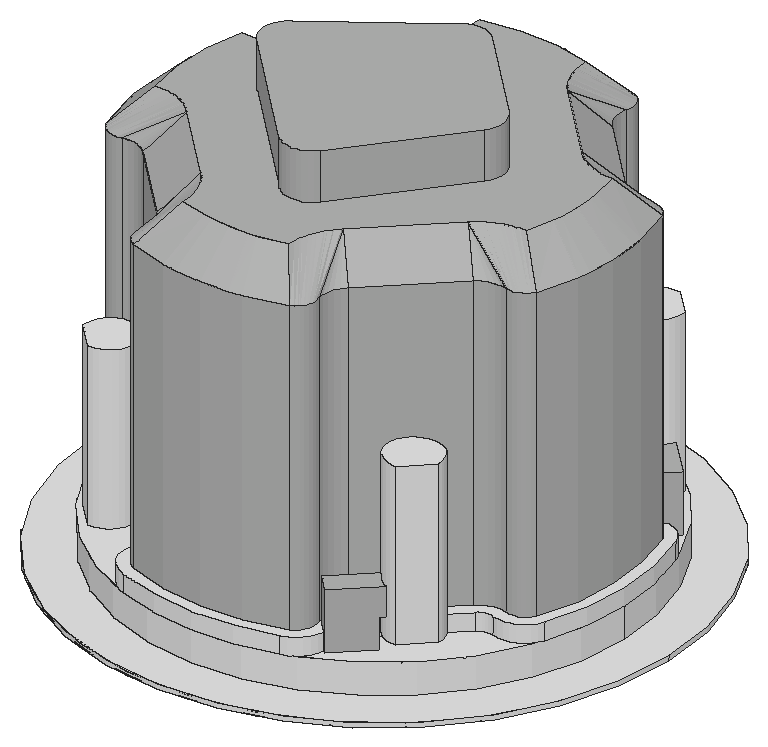
Revit family "CVS301", category Communication Devices, Revit 2020
Family settings
  Maintain Annotation Orientation = No
  Round Connector Dimension = Use Diameter
  Part Type = Normal
  Work Plane-Based = Yes
  Always vertical = No
  Cut with Voids When Loaded = Yes
  Shared = No
  Room Calculation Point = No
Parameters
  White [instance] = yes
  Weight (kg) [instance] = 2.41  # constant formula
  Thickness [instance] = 12 mm
  Taps [instance] = "15, 7.5, 3.8, 1.9"  # constant formula
  Sensitivity [instance] = 85  # constant formula
  SPL Max (Peak) [instance] = 104  # constant formula
  Power Handling (Average) [instance] = 20  # constant formula
  Model = "CVS301"
  Manufacturer = "Tannoy"
  Impedance [instance] = 8  # constant formula
  Default Elevation = 0 mm
  Black [instance] = not(White)  # no
Reference planes
  plane 1 "Center (Front/Back)": y = 0
  plane 2: z = 0
  plane 3 "Center (Left/Right)": x = 0
Forms (mm)
  Extrusion 1, solid, not visible
    sketch origin (0, 0, 0) x (1, 0, 0) y (0, 1, 0)
      loop
        line (-500, 500) -> (-500, -500) -> (500, -500) -> (500, 500) -> (-500, 500)
    from 0 to 12 <- "Thickness"
  Extrusion 2, void
    sketch origin (0, 0, 0) x (1, 0, 0) y (0, 1, 0)
      loop
        circle (0, 0) r 86
    from 0 to 12 <- "Thickness"
Cuts and joins
  Extrusion 2 cuts Extrusion 1
Lines and regions (mm)
  model lines, detail levels coarse
    curve 1: circle (0, 0, 0) r 99.899 normal (0, 0, 1)
Dimensions and locks
  aligned and locked: level to plane 2
Nested families
  nested 1: "CVS301 - base2" at (0, 0, 0), Thickness <- "Thickness", White <- "White", type "CVS301 - base2", detail levels medium+fine
    with White yes, Thickness 12 mm, Black no
Connectors
  electrical at (0.616, 0.407, 145.745)
    settings: on nested 1, index 1, voltage 0 V, apparent load 0 VA, apparent load phase1 0 VA, apparent load phase2 0 VA, apparent load phase3 0 VA, power factor 1, load classification "Other", number of poles 1, system type 14, power factor state 1, is connector primary yes, connector utility no, sub classification motor no, connector description "Speaker In - 2pin"
Definition of nested family "CVS301 - base2"
  Parameters (values of type "CVS301 - base2")
    White [instance] = yes
    Thickness [instance] = 12 mm
    Model = "CVS301"
    Manufacturer = "Tannoy"
    Default Elevation = 0 mm
    Black [instance] = not(White)  # no
  Reference planes
    plane 1 "Center (Front/Back)": y = 0
    plane 2: z = 0
    plane 3 "Center (Left/Right)": x = 0
  Dimensions and locks
    aligned and locked: level to plane 2
  Nested families
    nested 1: "CVS301 - base1 - Black" at (0, 0, 0), visible <- "Black", Thickness <- "Thickness", type "CVS301 - base1 - Black"
      with Thickness 12 mm
    nested 2: "CVS301 - base1 - White" at (0, 0, 0), visible <- "White", Thickness <- "Thickness", type "CVS301 - base1 - White"
      with Thickness 12 mm
  Definition of nested family "CVS301 - base1 - Black"
    Parameters (values of type "CVS301 - base1 - Black")
      Thickness [instance] = 12 mm
      Model = "CVS301"
      Manufacturer = "Tannoy"
      Default Elevation = 0 mm
    Reference planes
      plane 1 "Center (Front/Back)": y = 0
      plane 2: z = 0
      plane 3 "Center (Left/Right)": x = 0
      plane 4 "Driver Plane": z = -1.5
      plane 5 "Back of Can": z = 129.745
    Forms (mm)
      Extrusion 1, solid
        sketch origin (0, 0, 0) x (1, 0, 0) y (0, 1, 0)
          loop
            circle (0, 0) r 99.899
        from 0 to -1.546
      Blend 2, solid
        base sketch origin (0, 0, 0) x (1, 0, 0) y (0, 1, 0)
          loop
            circle (0, 0) r 99.899
        top sketch origin (0, 0, 0) x (1, 0, 0) y (0, 1, 0)
          loop
            circle (0, 0) r 80.6
        from -1.227 to -5.478
      Revolve 3, solid
        sketch origin (0, 0, 0) x (0, 1, 0) y (0, 0, 1)
          loop
            line (0, -5.478) -> (0, -13.608)
            arc (0, -13.608) -> (39.619, -11.742) -> (78.849, -5.901) r 393.815
            line (78.849, -5.901) -> (79.553, -5.478) -> (0, -5.478)
          axis (0, -13.608) -> (0, -5.478)
        angle from 0 to 360
      Extrusion 4, solid
        sketch origin (0, 0, 0) x (1, 0, 0) y (0, 1, 0)
          loop
            circle (0, -0.189) r 84.441
        from 0 to 10.367
      Extrusion 5, solid
        sketch origin (0, -0.246, 0) x (1, 0, 0) y (0, 1, 0)
          loop
            arc (79.473, -28.479) -> (84.441, 0.246) -> (79.344, 28.949) r 84.441
            arc (79.344, 28.949) -> (74.114, 34.749) -> (66.325, 35.331) r 10.498
            arc (66.325, 35.331) -> (63.42, 35.336) -> (60.907, 36.794) r 5.603
            line (60.907, 36.794) -> (36.566, 61.189)
            arc (36.566, 61.189) -> (35.202, 63.593) -> (35.259, 66.356) r 5.213
            arc (35.259, 66.356) -> (34.743, 74.146) -> (28.951, 79.38) r 10.396
            arc (28.951, 79.38) -> (0, 84.498) -> (-28.951, 79.38) r 84.441
            arc (-28.951, 79.38) -> (-34.743, 74.146) -> (-35.259, 66.356) r 10.396
            arc (-35.259, 66.356) -> (-35.202, 63.593) -> (-36.566, 61.189) r 5.213
            line (-36.566, 61.189) -> (-60.907, 36.794)
            arc (-60.907, 36.794) -> (-63.42, 35.336) -> (-66.325, 35.331) r 5.603
            arc (-66.325, 35.331) -> (-74.114, 34.749) -> (-79.344, 28.949) r 10.498
            arc (-79.344, 28.949) -> (-84.441, 0.246) -> (-79.473, -28.479) r 84.441
            arc (-79.473, -28.479) -> (-74.195, -34.367) -> (-66.306, -34.901) r 10.498
            arc (-66.306, -34.901) -> (-63.42, -34.9) -> (-60.92, -36.343) r 5.572
            line (-60.92, -36.343) -> (-36.57, -60.693)
            arc (-36.57, -60.693) -> (-35.215, -63.052) -> (-35.233, -65.773) r 5.213
            arc (-35.233, -65.773) -> (-34.392, -74.503) -> (-27.41, -79.811) r 10.943
            arc (-27.41, -79.811) -> (0, -84.384) -> (27.41, -79.811) r 84.441
            arc (27.41, -79.811) -> (34.392, -74.503) -> (35.233, -65.773) r 10.943
            arc (35.233, -65.773) -> (35.215, -63.052) -> (36.57, -60.693) r 5.213
            line (36.57, -60.693) -> (60.92, -36.343)
            arc (60.92, -36.343) -> (63.42, -34.9) -> (66.306, -34.901) r 5.572
            arc (66.306, -34.901) -> (74.195, -34.367) -> (79.473, -28.479) r 10.498
        from 10.367 to 16.164
      Extrusion 6, solid
        sketch origin (0, 0, 0) x (1, 0, 0) y (0, 1, 0)
          loop
            arc (75.694, -27.623) -> (80.576, 0) -> (75.694, 27.623) r 80.576
            arc (75.694, 27.623) -> (72.163, 30.742) -> (67.462, 31.055) r 7.303
            arc (67.462, 31.055) -> (62.373, 31.055) -> (57.967, 33.599) r 9.83
            line (57.967, 33.599) -> (33.597, 57.969)
            arc (33.597, 57.969) -> (31.065, 62.338) -> (31.022, 67.387) r 9.885
            arc (31.022, 67.387) -> (30.867, 72.235) -> (27.509, 75.735) r 6.769
            arc (27.509, 75.735) -> (0, 80.577) -> (-27.508, 75.735) r 80.576
            arc (-27.508, 75.735) -> (-30.867, 72.235) -> (-31.022, 67.387) r 6.769
            arc (-31.022, 67.387) -> (-31.065, 62.338) -> (-33.597, 57.969) r 9.885
            line (-33.597, 57.969) -> (-57.967, 33.599)
            arc (-57.967, 33.599) -> (-62.373, 31.055) -> (-67.462, 31.055) r 9.83
            arc (-67.462, 31.055) -> (-72.163, 30.742) -> (-75.694, 27.623) r 7.303
            arc (-75.694, 27.623) -> (-80.576, 0) -> (-75.694, -27.623) r 80.576
            arc (-75.694, -27.623) -> (-72.163, -30.742) -> (-67.462, -31.055) r 7.303
            arc (-67.462, -31.055) -> (-62.373, -31.055) -> (-57.967, -33.599) r 9.83
            line (-57.967, -33.599) -> (-33.597, -57.969)
            arc (-33.597, -57.969) -> (-31.065, -62.338) -> (-31.022, -67.387) r 9.885
            arc (-31.022, -67.387) -> (-30.867, -72.235) -> (-27.509, -75.735) r 6.769
            arc (-27.509, -75.735) -> (0, -80.576) -> (27.509, -75.735) r 80.576
            arc (27.509, -75.735) -> (30.867, -72.235) -> (31.022, -67.387) r 6.769
            arc (31.022, -67.387) -> (31.065, -62.338) -> (33.597, -57.969) r 9.885
            line (33.597, -57.969) -> (57.967, -33.599)
            arc (57.967, -33.599) -> (62.373, -31.055) -> (67.462, -31.055) r 9.83
            arc (67.462, -31.055) -> (72.163, -30.742) -> (75.694, -27.623) r 7.303
        from 16.164 to 117.971
      Blend 7, solid
        base sketch origin (0, 0, 0) x (1, 0, 0) y (0, 1, 0)
          loop
            arc (75.694, -27.623) -> (80.576, 0) -> (75.694, 27.623) r 80.576
            arc (75.694, 27.623) -> (72.163, 30.742) -> (67.462, 31.055) r 7.303
            arc (67.462, 31.055) -> (62.373, 31.055) -> (57.967, 33.599) r 9.83
            line (57.967, 33.599) -> (33.597, 57.969)
            arc (33.597, 57.969) -> (31.065, 62.338) -> (31.022, 67.387) r 9.885
            arc (31.022, 67.387) -> (30.867, 72.235) -> (27.509, 75.735) r 6.769
            arc (27.509, 75.735) -> (0, 80.577) -> (-27.508, 75.735) r 80.576
            arc (-27.508, 75.735) -> (-30.867, 72.235) -> (-31.022, 67.387) r 6.769
            arc (-31.022, 67.387) -> (-31.065, 62.338) -> (-33.597, 57.969) r 9.885
            line (-33.597, 57.969) -> (-57.967, 33.599)
            arc (-57.967, 33.599) -> (-62.373, 31.055) -> (-67.462, 31.055) r 9.83
            arc (-67.462, 31.055) -> (-72.163, 30.742) -> (-75.694, 27.623) r 7.303
            arc (-75.694, 27.623) -> (-80.576, 0) -> (-75.694, -27.623) r 80.576
            arc (-75.694, -27.623) -> (-72.163, -30.742) -> (-67.462, -31.055) r 7.303
            arc (-67.462, -31.055) -> (-62.373, -31.055) -> (-57.967, -33.599) r 9.83
            line (-57.967, -33.599) -> (-33.597, -57.969)
            arc (-33.597, -57.969) -> (-31.065, -62.338) -> (-31.022, -67.387) r 9.885
            arc (-31.022, -67.387) -> (-30.867, -72.235) -> (-27.509, -75.735) r 6.769
            arc (-27.509, -75.735) -> (0, -80.576) -> (27.509, -75.735) r 80.576
            arc (27.509, -75.735) -> (30.867, -72.235) -> (31.022, -67.387) r 6.769
            arc (31.022, -67.387) -> (31.065, -62.338) -> (33.597, -57.969) r 9.885
            line (33.597, -57.969) -> (57.967, -33.599)
            arc (57.967, -33.599) -> (62.373, -31.055) -> (67.462, -31.055) r 9.83
            arc (67.462, -31.055) -> (72.163, -30.742) -> (75.694, -27.623) r 7.303
        top sketch origin (0, 0, 0) x (1, 0, 0) y (0, 1, 0)
          loop
            arc (65.182, -18.745) -> (67.823, 0) -> (65.182, 18.745) r 67.823
            arc (65.182, 18.745) -> (56.575, 20.172) -> (49.269, 24.942) r 21.224
            line (49.269, 24.942) -> (24.912, 49.299)
            arc (24.912, 49.299) -> (20.156, 56.591) -> (18.742, 65.183) r 21.139
            arc (18.742, 65.183) -> (0, 67.823) -> (-18.742, 65.183) r 67.823
            arc (-18.742, 65.183) -> (-20.156, 56.591) -> (-24.912, 49.299) r 21.139
            line (-24.912, 49.299) -> (-49.269, 24.942)
            arc (-49.269, 24.942) -> (-56.575, 20.172) -> (-65.182, 18.745) r 21.224
            arc (-65.182, 18.745) -> (-67.823, 0) -> (-65.182, -18.745) r 67.823
            arc (-65.182, -18.745) -> (-56.575, -20.172) -> (-49.269, -24.942) r 21.224
            line (-49.269, -24.942) -> (-24.912, -49.299)
            arc (-24.912, -49.299) -> (-20.156, -56.591) -> (-18.742, -65.182) r 21.139
            arc (-18.742, -65.182) -> (0, -67.823) -> (18.742, -65.182) r 67.823
            arc (18.742, -65.182) -> (20.156, -56.591) -> (24.912, -49.299) r 21.139
            line (24.912, -49.299) -> (49.269, -24.942)
            arc (49.269, -24.942) -> (56.575, -20.172) -> (65.182, -18.745) r 21.224
        from 117.971 to 129.745
      Extrusion 8, solid
        sketch origin (34.681, 34.878, 0) x (1, 0, 0) y (0, 1, 0)
          loop
            arc (-88.438, -97.595) -> (-81.793, -82.078) -> (-96.981, -89.445) r 9.009
            line (-96.981, -89.445) -> (-88.438, -97.595)
        from 14.946 to 71.12
      Extrusion 9, solid
        sketch origin (-51.825, -178.591, 0) x (0.713265, -0.700895, 0) y (0, 0, 1)
          loop
            line (-88.596, 32) -> (-113.596, 32) -> (-113.596, 12) -> (-98.596, 12) -> (-98.596, 22) -> (-88.596, 22) -> (-88.596, 32)
        from -91.756 to -84.082
      Extrusion 10, solid
        sketch origin (-35.265, 34.295, 0) x (0, 1, 0) y (-1, 0, 0)
          loop
            arc (-88.438, -97.596) -> (-81.792, -82.077) -> (-96.982, -89.445) r 9.01
            line (-96.982, -89.445) -> (-88.438, -97.596)
        from 14.946 to 71.12
      Extrusion 11, solid
        sketch origin (178.204, -52.211, 0) x (0.700895, 0.713265, 0) y (0, 0, 1)
          loop
            line (-88.596, 32) -> (-113.596, 32) -> (-113.596, 12) -> (-98.596, 12) -> (-98.596, 22) -> (-88.596, 22) -> (-88.596, 32)
        from -91.756 to -84.082
      Extrusion 12, solid
        sketch origin (-34.681, -35.264, 0) x (-1, 0, 0) y (0, -1, 0)
          loop
            arc (-88.438, -97.596) -> (-81.792, -82.078) -> (-96.981, -89.445) r 9.01
            line (-96.981, -89.445) -> (-88.438, -97.596)
        from 14.946 to 71.12
      Extrusion 13, solid
        sketch origin (51.825, 178.205, 0) x (-0.713265, 0.700895, 0) y (0, 0, 1)
          loop
            line (-88.596, 32) -> (-113.596, 32) -> (-113.596, 12) -> (-98.596, 12) -> (-98.596, 22) -> (-88.596, 22) -> (-88.596, 32)
        from -91.756 to -84.082
      Extrusion 14, solid
        sketch origin (35.266, -34.68, 0) x (0, -1, 0) y (1, 0, 0)
          loop
            arc (-88.438, -97.595) -> (-81.793, -82.078) -> (-96.981, -89.445) r 9.009
            line (-96.981, -89.445) -> (-88.438, -97.595)
        from 14.946 to 71.12
      Extrusion 15, solid
        sketch origin (-178.203, 51.826, 0) x (-0.700895, -0.713265, 0) y (0, 0, 1)
          loop
            line (-88.596, 32) -> (-113.596, 32) -> (-113.596, 12) -> (-98.596, 12) -> (-98.596, 22) -> (-88.596, 22) -> (-88.596, 32)
        from -91.756 to -84.082
      Extrusion 16, solid
        sketch origin (0, 0, 129.745) x (0, -1, 0) y (1, 0, 0)
          loop
            arc (-10.565, -40.972) -> (-3.843, -44.661) -> (3.35, -42.002) r 9.238
            line (3.35, -42.002) -> (42.211, -3.141)
            arc (42.211, -3.141) -> (44.87, 4.051) -> (41.18, 10.774) r 9.238
            line (41.18, 10.774) -> (4.004, 38.505)
            arc (4.004, 38.505) -> (-2.063, 40.256) -> (-7.779, 37.573) r 8.964
            line (-7.779, 37.573) -> (-37.364, 7.988)
            arc (-37.364, 7.988) -> (-40.048, 2.272) -> (-38.297, -3.795) r 8.964
            line (-38.297, -3.795) -> (-10.565, -40.972)
        from 0 to 16
    Lines and regions (mm)
      model lines
        curve 1: line (55.402, 1.804, 129.745) -> (8.066, -61.652, 129.745)
        curve 2: arc (8.066, -61.652, 129.745) -> (0.701, -65.675, 129.745) -> (-7.153, -62.718, 129.745) r 10.066
        curve 3: line (-7.153, -62.718, 129.745) -> (-62.251, -7.104, 129.745)
        curve 4: arc (-62.251, -7.104, 129.745) -> (-65.148, 0.701, 129.745) -> (-61.193, 8.026, 129.745) r 10.089
        curve 5: arc (55.402, 1.804, 129.745) -> (57.371, 8.483, 129.745) -> (54.52, 14.837, 129.745) r 10.038
        curve 6: line (54.52, 14.837, 129.745) -> (15.051, 54.305, 129.745)
        curve 7: line (2.013, 55.193, 129.745) -> (-61.444, 7.858, 129.745)
        curve 8: arc (-61.444, 7.858, 129.745) -> (-65.466, 0.492, 129.745) -> (-62.509, -7.362, 129.745) r 10.066
        curve 9: arc (2.013, 55.193, 129.745) -> (8.696, 57.162, 129.745) -> (15.051, 54.305, 129.745) r 10.038
        curve 10: circle (-19.584, 1.546, 145.745) r 10.565 normal (0, 0, 1)
        curve 11: circle (1.755, -19.793, 145.745) r 10.565 normal (0, 0, -1)
    Dimensions and locks
      "Thickness": Extrusion 1 to Extrusion 9 sketch curve
      locked: Extrusion 9 sketch curve to Extrusion 9 sketch curve at 20
      locked: Extrusion 11 sketch curve to Extrusion 11 sketch curve at 20
      locked: Extrusion 13 sketch curve to Extrusion 13 sketch curve at 20
      locked: Extrusion 15 sketch curve to Extrusion 15 sketch curve at 20
      "Thickness": Extrusion 15 sketch curve to Extrusion 1
      "Thickness": Extrusion 11 sketch curve to Extrusion 1
      "Thickness": Extrusion 13 sketch curve to level
      aligned and locked: level to plane 2
    Automatic sketch dimensions
      plane 1 "Center (Front/Back)" to Blend 2 sketch curve = 0 mm  (x2)
      Blend 2 sketch curve to plane 3 "Center (Left/Right)" = 0 mm  (x2)
      plane 3 "Center (Left/Right)" to curve 7 = 2.013 mm
      curve 7 to plane 1 "Center (Front/Back)" = 55.193 mm
      plane 3 "Center (Left/Right)" to curve 6 = 15.051 mm
      curve 9 to curve 6 = 0.888 mm
      plane 3 "Center (Left/Right)" to curve 9 = 8.014 mm
      curve 6 to plane 1 "Center (Front/Back)" = 14.837 mm
      curve 7 to plane 1 "Center (Front/Back)" = 7.858 mm
      curve 5 to plane 1 "Center (Front/Back)" = 7.806 mm
      curve 1 to plane 1 "Center (Front/Back)" = 1.804 mm
      plane 1 "Center (Front/Back)" to curve 4 = 0.003 mm
      plane 1 "Center (Front/Back)" to curve 8 = 0.211 mm
      plane 1 "Center (Front/Back)" to curve 3 = 7.104 mm
      curve 2 to plane 3 "Center (Left/Right)" = 0.002 mm
      plane 3 "Center (Left/Right)" to curve 1 = 8.066 mm
      curve 2 to curve 1 = 6.019 mm
      curve 3 to plane 3 "Center (Left/Right)" = 7.153 mm
      curve 8 to curve 4 = 0.341 mm
      curve 7 to curve 8 = 6.019 mm
      curve 3 to curve 8 = 6.826 mm
      plane 3 "Center (Left/Right)" to curve 5 = 47.356 mm
      curve 5 to curve 6 = 7.164 mm
      curve 4 to curve 8 = 0.168 mm
      curve 3 to curve 8 = 0.259 mm
      Extrusion 16 sketch curve to plane 3 "Center (Left/Right)" = 3.795 mm
      Extrusion 16 sketch curve to plane 1 "Center (Front/Back)" = 38.297 mm
      plane 3 "Center (Left/Right)" to Extrusion 16 sketch curve = 1.565 mm
      Extrusion 16 sketch curve to Extrusion 16 sketch curve = 7.185 mm  (x2)
      Extrusion 16 sketch curve to plane 1 "Center (Front/Back)" = 10.565 mm
      Extrusion 16 sketch curve to plane 1 "Center (Front/Back)" = 3.16 mm
      Extrusion 16 sketch curve to plane 1 "Center (Front/Back)" = 1.356 mm
      plane 1 "Center (Front/Back)" to Extrusion 16 sketch curve = 3.35 mm
      plane 1 "Center (Front/Back)" to Extrusion 16 sketch curve = 4.004 mm
      plane 3 "Center (Left/Right)" to Extrusion 16 sketch curve = 3.369 mm
      plane 1 "Center (Front/Back)" to Extrusion 16 sketch curve = 35.657 mm
      plane 3 "Center (Left/Right)" to Extrusion 16 sketch curve = 10.774 mm
      Extrusion 16 sketch curve to Extrusion 16 sketch curve = 5.524 mm  (x2)
      Extrusion 16 sketch curve to plane 3 "Center (Left/Right)" = 3.141 mm
      Extrusion 16 sketch curve to plane 3 "Center (Left/Right)" = 35.448 mm
      plane 3 "Center (Left/Right)" to Extrusion 16 sketch curve = 31.32 mm
      plane 3 "Center (Left/Right)" to Extrusion 16 sketch curve = 7.988 mm
      Extrusion 16 sketch curve to plane 1 "Center (Front/Back)" = 7.779 mm
      plane 1 "Center (Front/Back)" to curve 2 = 55.633 mm
      curve 4 to plane 3 "Center (Left/Right)" = 55.084 mm
      curve 10 to Extrusion 16 = 19.314 mm
      curve 10 to Extrusion 16 = 20.017 mm
      curve 10 to curve 11 = 21.339 mm  (x2)
      plane 1 "Center (Front/Back)" to Extrusion 10 sketch curve = 62.687 mm
      Extrusion 10 sketch curve to Extrusion 10 sketch curve = 8.544 mm
      Extrusion 10 sketch curve to Extrusion 10 sketch curve = 0.426 mm
      plane 3 "Center (Left/Right)" to Extrusion 10 sketch curve = 62.332 mm
      Extrusion 10 sketch curve to Extrusion 10 sketch curve = 8.151 mm
      plane 3 "Center (Left/Right)" to Extrusion 12 sketch curve = 62.3 mm
      Extrusion 12 sketch curve to Extrusion 12 sketch curve = 8.543 mm
      Extrusion 12 sketch curve to Extrusion 12 sketch curve = 0.426 mm
      Extrusion 12 sketch curve to plane 1 "Center (Front/Back)" = 62.332 mm
      Extrusion 12 sketch curve to Extrusion 12 sketch curve = 8.151 mm
      Extrusion 14 sketch curve to plane 1 "Center (Front/Back)" = 62.301 mm
      Extrusion 14 sketch curve to Extrusion 14 sketch curve = 8.543 mm
      Extrusion 14 sketch curve to Extrusion 14 sketch curve = 8.969 mm
      Extrusion 14 sketch curve to plane 3 "Center (Left/Right)" = 62.329 mm
      Extrusion 14 sketch curve to Extrusion 14 sketch curve = 8.151 mm
      Extrusion 8 sketch curve to plane 3 "Center (Left/Right)" = 62.3 mm
      Extrusion 8 sketch curve to Extrusion 8 sketch curve = 8.543 mm
      Extrusion 8 sketch curve to Extrusion 8 sketch curve = 0.426 mm
      plane 1 "Center (Front/Back)" to Extrusion 8 sketch curve = 62.717 mm
      Extrusion 8 sketch curve to Extrusion 8 sketch curve = 8.151 mm
      Blend 7 sketch curve to Blend 7 sketch curve = 0 mm  (x12)
      plane 1 "Center (Front/Back)" to Blend 7 sketch curve = 24.942 mm  (x2)
      Blend 7 sketch curve to Blend 7 sketch curve = 15.008 mm  (x8)
      Blend 7 sketch curve to plane 1 "Center (Front/Back)" = 24.942 mm  (x2)
      Blend 7 sketch curve to Blend 7 sketch curve = 24.417 mm  (x2)
      Blend 7 sketch curve to Blend 7 sketch curve = 14.948 mm  (x8)
      Blend 7 sketch curve to plane 3 "Center (Left/Right)" = 0 mm  (x2)
      plane 3 "Center (Left/Right)" to Blend 7 sketch curve = 0 mm  (x2)
      plane 3 "Center (Left/Right)" to Blend 7 sketch curve = 24.912 mm  (x2)
      Blend 7 sketch curve to Blend 7 sketch curve = 24.357 mm  (x6)
      Blend 7 sketch curve to plane 1 "Center (Front/Back)" = 0 mm  (x4)
      Blend 7 sketch curve to Blend 7 sketch curve = 15.912 mm  (x2)
      Blend 7 sketch curve to Blend 7 sketch curve = 6.171 mm  (x4)
      plane 1 "Center (Front/Back)" to Blend 7 sketch curve = 24.001 mm
      Blend 7 sketch curve to plane 1 "Center (Front/Back)" = 24.001 mm  (x2)
      Blend 7 sketch curve to Blend 7 sketch curve = 4.434 mm  (x2)
      plane 1 "Center (Front/Back)" to Blend 7 sketch curve = 33.599 mm
      Blend 7 sketch curve to Blend 7 sketch curve = 6.951 mm  (x8)
      Blend 7 sketch curve to plane 1 "Center (Front/Back)" = 33.599 mm
      Blend 7 sketch curve to Blend 7 sketch curve = 24.317 mm  (x2)
      Blend 7 sketch curve to Blend 7 sketch curve = 7.004 mm  (x4)
      Blend 7 sketch curve to Blend 7 sketch curve = 8.969 mm  (x4)
      plane 3 "Center (Left/Right)" to Blend 7 sketch curve = 24.628 mm  (x2)
      Blend 7 sketch curve to Blend 7 sketch curve = 24.37 mm  (x5)
      Blend 7 sketch curve to Blend 7 sketch curve = 11.385 mm  (x2)
      Blend 7 sketch curve to Blend 7 sketch curve = 17.419 mm
      Blend 7 sketch curve to Blend 7 sketch curve = 6.976 mm  (x4)
      Blend 7 sketch curve to Blend 7 sketch curve = 11.64 mm  (x4)
      Blend 7 sketch curve to Blend 7 sketch curve = 9.599 mm  (x2)
      Blend 7 sketch curve to Blend 7 sketch curve = 6.342 mm  (x3)
      Blend 7 sketch curve to Blend 7 sketch curve = 6.394 mm  (x4)
      Blend 7 sketch curve to Blend 7 sketch curve = 2.881 mm  (x4)
      Extrusion 6 sketch curve to Extrusion 6 sketch curve = 0 mm  (x10)
      plane 1 "Center (Front/Back)" to Extrusion 6 sketch curve = 24.001 mm
      Extrusion 6 sketch curve to plane 3 "Center (Left/Right)" = 69.352 mm
      Extrusion 6 sketch curve to plane 1 "Center (Front/Back)" = 24.001 mm  (x2)
      Extrusion 6 sketch curve to Extrusion 6 sketch curve = 4.434 mm  (x2)
      plane 1 "Center (Front/Back)" to Extrusion 6 sketch curve = 33.599 mm
      Extrusion 6 sketch curve to Extrusion 6 sketch curve = 6.951 mm  (x8)
      Extrusion 6 sketch curve to plane 1 "Center (Front/Back)" = 33.599 mm
      Extrusion 6 sketch curve to Extrusion 6 sketch curve = 24.317 mm  (x2)
      Extrusion 6 sketch curve to Extrusion 6 sketch curve = 7.004 mm  (x4)
      Extrusion 6 sketch curve to Extrusion 6 sketch curve = 8.969 mm  (x4)
      Extrusion 6 sketch curve to plane 3 "Center (Left/Right)" = 0 mm
      plane 3 "Center (Left/Right)" to Extrusion 6 sketch curve = 0 mm
      plane 3 "Center (Left/Right)" to Extrusion 6 sketch curve = 24.628 mm  (x2)
      Extrusion 6 sketch curve to Extrusion 6 sketch curve = 24.37 mm  (x5)
      Extrusion 6 sketch curve to Extrusion 6 sketch curve = 11.385 mm  (x2)
      plane 1 "Center (Front/Back)" to Extrusion 6 sketch curve = 40.55 mm
      Extrusion 6 sketch curve to Extrusion 6 sketch curve = 17.419 mm
      Extrusion 6 sketch curve to Extrusion 6 sketch curve = 6.976 mm  (x4)
      Extrusion 6 sketch curve to Extrusion 6 sketch curve = 11.64 mm  (x4)
      Extrusion 6 sketch curve to Extrusion 6 sketch curve = 9.599 mm  (x2)
      Extrusion 6 sketch curve to plane 1 "Center (Front/Back)" = 0 mm  (x2)
      Extrusion 6 sketch curve to Extrusion 6 sketch curve = 6.342 mm  (x3)
      Extrusion 6 sketch curve to Extrusion 6 sketch curve = 6.394 mm  (x2)
      Extrusion 6 sketch curve to Extrusion 6 sketch curve = 2.881 mm  (x4)
      Extrusion 5 sketch curve to Extrusion 5 sketch curve = 0 mm  (x8)
      plane 1 "Center (Front/Back)" to Extrusion 5 sketch curve = 25.178 mm
      Extrusion 5 sketch curve to plane 3 "Center (Left/Right)" = 69.593 mm
      Extrusion 5 sketch curve to plane 1 "Center (Front/Back)" = 25.077 mm  (x2)
      Extrusion 5 sketch curve to Extrusion 5 sketch curve = 0.1 mm
      Extrusion 5 sketch curve to Extrusion 5 sketch curve = 4.612 mm
      Extrusion 5 sketch curve to Extrusion 5 sketch curve = 4.733 mm
      plane 1 "Center (Front/Back)" to Extrusion 5 sketch curve = 36.589 mm
      Extrusion 5 sketch curve to Extrusion 5 sketch curve = 3.94 mm  (x4)
      Extrusion 5 sketch curve to plane 1 "Center (Front/Back)" = 36.549 mm
      Extrusion 5 sketch curve to Extrusion 5 sketch curve = 3.973 mm  (x2)
      Extrusion 5 sketch curve to Extrusion 5 sketch curve = 24.625 mm
      Extrusion 5 sketch curve to Extrusion 5 sketch curve = 24.605 mm
      Extrusion 5 sketch curve to Extrusion 5 sketch curve = 3.686 mm  (x4)
      Extrusion 5 sketch curve to Extrusion 5 sketch curve = 3.69 mm  (x2)
      Extrusion 5 sketch curve to Extrusion 5 sketch curve = 11.179 mm  (x2)
      Extrusion 5 sketch curve to Extrusion 5 sketch curve = 11.737 mm  (x2)
      Extrusion 5 sketch curve to plane 3 "Center (Left/Right)" = 0 mm
      plane 3 "Center (Left/Right)" to Extrusion 5 sketch curve = 0 mm
      plane 3 "Center (Left/Right)" to Extrusion 5 sketch curve = 24.833 mm
      plane 3 "Center (Left/Right)" to Extrusion 5 sketch curve = 25.387 mm
      Extrusion 5 sketch curve to Extrusion 5 sketch curve = 24.341 mm
      Extrusion 5 sketch curve to Extrusion 5 sketch curve = 24.35 mm  (x2)
      Extrusion 5 sketch curve to Extrusion 5 sketch curve = 8.585 mm
      Extrusion 5 sketch curve to Extrusion 5 sketch curve = 8.673 mm
      plane 1 "Center (Front/Back)" to Extrusion 5 sketch curve = 40.529 mm
      Extrusion 5 sketch curve to Extrusion 5 sketch curve = 20.41 mm
      Extrusion 5 sketch curve to Extrusion 5 sketch curve = 8.483 mm  (x2)
      Extrusion 5 sketch curve to Extrusion 5 sketch curve = 11.411 mm
      plane 1 "Center (Front/Back)" to Extrusion 5 sketch curve = 0.189 mm
      Extrusion 5 sketch curve to Extrusion 5 sketch curve = 11.471 mm
      Extrusion 5 sketch curve to Extrusion 5 sketch curve = 3.951 mm  (x2)
      Extrusion 5 sketch curve to Extrusion 5 sketch curve = 24.394 mm  (x2)
      Extrusion 5 sketch curve to Extrusion 5 sketch curve = 3.682 mm  (x2)
      Extrusion 5 sketch curve to Extrusion 5 sketch curve = 8.425 mm  (x2)
      Extrusion 5 sketch curve to Extrusion 5 sketch curve = 9.851 mm  (x2)
      Extrusion 5 sketch curve to Extrusion 5 sketch curve = 9.88 mm
      Extrusion 5 sketch curve to Extrusion 5 sketch curve = 4.996 mm
      Extrusion 5 sketch curve to Extrusion 5 sketch curve = 5.023 mm
      Extrusion 5 sketch curve to Extrusion 5 sketch curve = 3.564 mm  (x2)
      Extrusion 5 sketch curve to Extrusion 5 sketch curve = 2.577 mm  (x2)
      Extrusion 5 sketch curve to Extrusion 5 sketch curve = 1.445 mm  (x2)
      Extrusion 4 sketch curve to plane 3 "Center (Left/Right)" = 0 mm
      plane 1 "Center (Front/Back)" to Extrusion 4 sketch curve = 0.189 mm
      plane 1 "Center (Front/Back)" to Extrusion 1 sketch curve = 0 mm
      Extrusion 1 sketch curve to plane 3 "Center (Left/Right)" = 0 mm
      Revolve 3 sketch curve to plane 1 "Center (Front/Back)" = 0 mm  (x2)
      Revolve 3 sketch curve to plane 1 "Center (Front/Back)" = 1.308 mm
      Revolve 3 sketch curve to plane 4 "Driver Plane" = 3.978 mm
      Revolve 3 sketch curve to Revolve 3 sketch curve = 8.13 mm
      Revolve 3 sketch curve to plane 4 "Driver Plane" = 4.401 mm
      Revolve 3 sketch curve to Revolve 3 sketch curve = 0.704 mm
      Revolve 3 sketch curve to Revolve 3 sketch curve = 0 mm  (x2)
      Revolve 3 sketch curve to Revolve 3 sketch curve = 79.553 mm
      Extrusion 9 sketch curve to Extrusion 9 sketch curve = 15 mm
      Extrusion 9 sketch curve to Extrusion 9 sketch curve = 10 mm  (x2)
      Extrusion 11 sketch curve to Extrusion 11 sketch curve = 15 mm
      Extrusion 11 sketch curve to Extrusion 11 sketch curve = 10 mm  (x2)
      Extrusion 13 sketch curve to Extrusion 13 sketch curve = 15 mm
      Extrusion 13 sketch curve to Extrusion 13 sketch curve = 10 mm  (x2)
      Extrusion 15 sketch curve to Extrusion 15 sketch curve = 15 mm
      Extrusion 15 sketch curve to Extrusion 15 sketch curve = 10 mm  (x2)
      radius of Blend 2 sketch curve = 80.6 mm
      radius of curve 10 = 10.565 mm
      radius of curve 11 = 10.565 mm
      radius of Extrusion 4 sketch curve = 84.441 mm
      radius of Extrusion 1 sketch curve = 99.899 mm
      radius of Blend 2 sketch curve = 99.899 mm
  Definition of nested family "CVS301 - base1 - White"
    Parameters (values of type "CVS301 - base1 - White")
      Thickness [instance] = 12 mm
      Model = "CVS301"
      Manufacturer = "Tannoy"
      Default Elevation = 0 mm
    Reference planes
      plane 1 "Center (Front/Back)": y = 0
      plane 2: z = 0
      plane 3 "Center (Left/Right)": x = 0
      plane 4 "Driver Plane": z = -1.5
      plane 5 "Back of Can": z = 129.745
    Forms (mm)
      Extrusion 1, solid
        sketch origin (0, 0, 0) x (1, 0, 0) y (0, 1, 0)
          loop
            circle (0, 0) r 99.899
        from 0 to -1.546
      Blend 2, solid
        base sketch origin (0, 0, 0) x (1, 0, 0) y (0, 1, 0)
          loop
            circle (0, 0) r 99.899
        top sketch origin (0, 0, 0) x (1, 0, 0) y (0, 1, 0)
          loop
            circle (0, 0) r 80.6
        from -1.227 to -5.478
      Revolve 3, solid
        sketch origin (0, 0, 0) x (0, 1, 0) y (0, 0, 1)
          loop
            line (0, -5.478) -> (0, -13.608)
            arc (0, -13.608) -> (39.619, -11.742) -> (78.849, -5.901) r 393.815
            line (78.849, -5.901) -> (79.553, -5.478) -> (0, -5.478)
          axis (0, -13.608) -> (0, -5.478)
        angle from 0 to 360
      Extrusion 4, solid
        sketch origin (0, 0, 0) x (1, 0, 0) y (0, 1, 0)
          loop
            circle (0, -0.189) r 84.441
        from 0 to 10.367
      Extrusion 5, solid
        sketch origin (0, -0.246, 0) x (1, 0, 0) y (0, 1, 0)
          loop
            arc (79.473, -28.479) -> (84.441, 0.246) -> (79.344, 28.949) r 84.441
            arc (79.344, 28.949) -> (74.114, 34.749) -> (66.325, 35.331) r 10.498
            arc (66.325, 35.331) -> (63.42, 35.336) -> (60.907, 36.794) r 5.603
            line (60.907, 36.794) -> (36.566, 61.189)
            arc (36.566, 61.189) -> (35.202, 63.593) -> (35.259, 66.356) r 5.213
            arc (35.259, 66.356) -> (34.743, 74.146) -> (28.951, 79.38) r 10.396
            arc (28.951, 79.38) -> (0, 84.498) -> (-28.951, 79.38) r 84.441
            arc (-28.951, 79.38) -> (-34.743, 74.146) -> (-35.259, 66.356) r 10.396
            arc (-35.259, 66.356) -> (-35.202, 63.593) -> (-36.566, 61.189) r 5.213
            line (-36.566, 61.189) -> (-60.907, 36.794)
            arc (-60.907, 36.794) -> (-63.42, 35.336) -> (-66.325, 35.331) r 5.603
            arc (-66.325, 35.331) -> (-74.114, 34.749) -> (-79.344, 28.949) r 10.498
            arc (-79.344, 28.949) -> (-84.441, 0.246) -> (-79.473, -28.479) r 84.441
            arc (-79.473, -28.479) -> (-74.195, -34.367) -> (-66.306, -34.901) r 10.498
            arc (-66.306, -34.901) -> (-63.42, -34.9) -> (-60.92, -36.343) r 5.572
            line (-60.92, -36.343) -> (-36.57, -60.693)
            arc (-36.57, -60.693) -> (-35.215, -63.052) -> (-35.233, -65.773) r 5.213
            arc (-35.233, -65.773) -> (-34.392, -74.503) -> (-27.41, -79.811) r 10.943
            arc (-27.41, -79.811) -> (0, -84.384) -> (27.41, -79.811) r 84.441
            arc (27.41, -79.811) -> (34.392, -74.503) -> (35.233, -65.773) r 10.943
            arc (35.233, -65.773) -> (35.215, -63.052) -> (36.57, -60.693) r 5.213
            line (36.57, -60.693) -> (60.92, -36.343)
            arc (60.92, -36.343) -> (63.42, -34.9) -> (66.306, -34.901) r 5.572
            arc (66.306, -34.901) -> (74.195, -34.367) -> (79.473, -28.479) r 10.498
        from 10.367 to 16.164
      Extrusion 6, solid
        sketch origin (0, 0, 0) x (1, 0, 0) y (0, 1, 0)
          loop
            arc (75.694, -27.623) -> (80.576, 0) -> (75.694, 27.623) r 80.576
            arc (75.694, 27.623) -> (72.163, 30.742) -> (67.462, 31.055) r 7.303
            arc (67.462, 31.055) -> (62.373, 31.055) -> (57.967, 33.599) r 9.83
            line (57.967, 33.599) -> (33.597, 57.969)
            arc (33.597, 57.969) -> (31.065, 62.338) -> (31.022, 67.387) r 9.885
            arc (31.022, 67.387) -> (30.867, 72.235) -> (27.509, 75.735) r 6.769
            arc (27.509, 75.735) -> (0, 80.577) -> (-27.508, 75.735) r 80.576
            arc (-27.508, 75.735) -> (-30.867, 72.235) -> (-31.022, 67.387) r 6.769
            arc (-31.022, 67.387) -> (-31.065, 62.338) -> (-33.597, 57.969) r 9.885
            line (-33.597, 57.969) -> (-57.967, 33.599)
            arc (-57.967, 33.599) -> (-62.373, 31.055) -> (-67.462, 31.055) r 9.83
            arc (-67.462, 31.055) -> (-72.163, 30.742) -> (-75.694, 27.623) r 7.303
            arc (-75.694, 27.623) -> (-80.576, 0) -> (-75.694, -27.623) r 80.576
            arc (-75.694, -27.623) -> (-72.163, -30.742) -> (-67.462, -31.055) r 7.303
            arc (-67.462, -31.055) -> (-62.373, -31.055) -> (-57.967, -33.599) r 9.83
            line (-57.967, -33.599) -> (-33.597, -57.969)
            arc (-33.597, -57.969) -> (-31.065, -62.338) -> (-31.022, -67.387) r 9.885
            arc (-31.022, -67.387) -> (-30.867, -72.235) -> (-27.509, -75.735) r 6.769
            arc (-27.509, -75.735) -> (0, -80.576) -> (27.509, -75.735) r 80.576
            arc (27.509, -75.735) -> (30.867, -72.235) -> (31.022, -67.387) r 6.769
            arc (31.022, -67.387) -> (31.065, -62.338) -> (33.597, -57.969) r 9.885
            line (33.597, -57.969) -> (57.967, -33.599)
            arc (57.967, -33.599) -> (62.373, -31.055) -> (67.462, -31.055) r 9.83
            arc (67.462, -31.055) -> (72.163, -30.742) -> (75.694, -27.623) r 7.303
        from 16.164 to 117.971
      Blend 7, solid
        base sketch origin (0, 0, 0) x (1, 0, 0) y (0, 1, 0)
          loop
            arc (75.694, -27.623) -> (80.576, 0) -> (75.694, 27.623) r 80.576
            arc (75.694, 27.623) -> (72.163, 30.742) -> (67.462, 31.055) r 7.303
            arc (67.462, 31.055) -> (62.373, 31.055) -> (57.967, 33.599) r 9.83
            line (57.967, 33.599) -> (33.597, 57.969)
            arc (33.597, 57.969) -> (31.065, 62.338) -> (31.022, 67.387) r 9.885
            arc (31.022, 67.387) -> (30.867, 72.235) -> (27.509, 75.735) r 6.769
            arc (27.509, 75.735) -> (0, 80.577) -> (-27.508, 75.735) r 80.576
            arc (-27.508, 75.735) -> (-30.867, 72.235) -> (-31.022, 67.387) r 6.769
            arc (-31.022, 67.387) -> (-31.065, 62.338) -> (-33.597, 57.969) r 9.885
            line (-33.597, 57.969) -> (-57.967, 33.599)
            arc (-57.967, 33.599) -> (-62.373, 31.055) -> (-67.462, 31.055) r 9.83
            arc (-67.462, 31.055) -> (-72.163, 30.742) -> (-75.694, 27.623) r 7.303
            arc (-75.694, 27.623) -> (-80.576, 0) -> (-75.694, -27.623) r 80.576
            arc (-75.694, -27.623) -> (-72.163, -30.742) -> (-67.462, -31.055) r 7.303
            arc (-67.462, -31.055) -> (-62.373, -31.055) -> (-57.967, -33.599) r 9.83
            line (-57.967, -33.599) -> (-33.597, -57.969)
            arc (-33.597, -57.969) -> (-31.065, -62.338) -> (-31.022, -67.387) r 9.885
            arc (-31.022, -67.387) -> (-30.867, -72.235) -> (-27.509, -75.735) r 6.769
            arc (-27.509, -75.735) -> (0, -80.576) -> (27.509, -75.735) r 80.576
            arc (27.509, -75.735) -> (30.867, -72.235) -> (31.022, -67.387) r 6.769
            arc (31.022, -67.387) -> (31.065, -62.338) -> (33.597, -57.969) r 9.885
            line (33.597, -57.969) -> (57.967, -33.599)
            arc (57.967, -33.599) -> (62.373, -31.055) -> (67.462, -31.055) r 9.83
            arc (67.462, -31.055) -> (72.163, -30.742) -> (75.694, -27.623) r 7.303
        top sketch origin (0, 0, 0) x (1, 0, 0) y (0, 1, 0)
          loop
            arc (65.182, -18.745) -> (67.823, 0) -> (65.182, 18.745) r 67.823
            arc (65.182, 18.745) -> (56.575, 20.172) -> (49.269, 24.942) r 21.224
            line (49.269, 24.942) -> (24.912, 49.299)
            arc (24.912, 49.299) -> (20.156, 56.591) -> (18.742, 65.183) r 21.139
            arc (18.742, 65.183) -> (0, 67.823) -> (-18.742, 65.183) r 67.823
            arc (-18.742, 65.183) -> (-20.156, 56.591) -> (-24.912, 49.299) r 21.139
            line (-24.912, 49.299) -> (-49.269, 24.942)
            arc (-49.269, 24.942) -> (-56.575, 20.172) -> (-65.182, 18.745) r 21.224
            arc (-65.182, 18.745) -> (-67.823, 0) -> (-65.182, -18.745) r 67.823
            arc (-65.182, -18.745) -> (-56.575, -20.172) -> (-49.269, -24.942) r 21.224
            line (-49.269, -24.942) -> (-24.912, -49.299)
            arc (-24.912, -49.299) -> (-20.156, -56.591) -> (-18.742, -65.182) r 21.139
            arc (-18.742, -65.182) -> (0, -67.823) -> (18.742, -65.182) r 67.823
            arc (18.742, -65.182) -> (20.156, -56.591) -> (24.912, -49.299) r 21.139
            line (24.912, -49.299) -> (49.269, -24.942)
            arc (49.269, -24.942) -> (56.575, -20.172) -> (65.182, -18.745) r 21.224
        from 117.971 to 129.745
      Extrusion 8, solid
        sketch origin (34.681, 34.878, 0) x (1, 0, 0) y (0, 1, 0)
          loop
            arc (-88.438, -97.595) -> (-81.793, -82.078) -> (-96.981, -89.445) r 9.009
            line (-96.981, -89.445) -> (-88.438, -97.595)
        from 14.946 to 71.12
      Extrusion 9, solid
        sketch origin (-51.825, -178.591, 0) x (0.713265, -0.700895, 0) y (0, 0, 1)
          loop
            line (-88.596, 32) -> (-113.596, 32) -> (-113.596, 12) -> (-98.596, 12) -> (-98.596, 22) -> (-88.596, 22) -> (-88.596, 32)
        from -91.756 to -84.082
      Extrusion 10, solid
        sketch origin (-35.265, 34.295, 0) x (0, 1, 0) y (-1, 0, 0)
          loop
            arc (-88.438, -97.596) -> (-81.792, -82.077) -> (-96.982, -89.445) r 9.01
            line (-96.982, -89.445) -> (-88.438, -97.596)
        from 14.946 to 71.12
      Extrusion 11, solid
        sketch origin (178.204, -52.211, 0) x (0.700895, 0.713265, 0) y (0, 0, 1)
          loop
            line (-88.596, 32) -> (-113.596, 32) -> (-113.596, 12) -> (-98.596, 12) -> (-98.596, 22) -> (-88.596, 22) -> (-88.596, 32)
        from -91.756 to -84.082
      Extrusion 12, solid
        sketch origin (-34.681, -35.264, 0) x (-1, 0, 0) y (0, -1, 0)
          loop
            arc (-88.438, -97.596) -> (-81.792, -82.078) -> (-96.981, -89.445) r 9.01
            line (-96.981, -89.445) -> (-88.438, -97.596)
        from 14.946 to 71.12
      Extrusion 13, solid
        sketch origin (51.825, 178.205, 0) x (-0.713265, 0.700895, 0) y (0, 0, 1)
          loop
            line (-88.596, 32) -> (-113.596, 32) -> (-113.596, 12) -> (-98.596, 12) -> (-98.596, 22) -> (-88.596, 22) -> (-88.596, 32)
        from -91.756 to -84.082
      Extrusion 14, solid
        sketch origin (35.266, -34.68, 0) x (0, -1, 0) y (1, 0, 0)
          loop
            arc (-88.438, -97.595) -> (-81.793, -82.078) -> (-96.981, -89.445) r 9.009
            line (-96.981, -89.445) -> (-88.438, -97.595)
        from 14.946 to 71.12
      Extrusion 15, solid
        sketch origin (-178.203, 51.826, 0) x (-0.700895, -0.713265, 0) y (0, 0, 1)
          loop
            line (-88.596, 32) -> (-113.596, 32) -> (-113.596, 12) -> (-98.596, 12) -> (-98.596, 22) -> (-88.596, 22) -> (-88.596, 32)
        from -91.756 to -84.082
      Extrusion 16, solid
        sketch origin (0, 0, 129.745) x (0, -1, 0) y (1, 0, 0)
          loop
            arc (-10.565, -40.972) -> (-3.843, -44.661) -> (3.35, -42.002) r 9.238
            line (3.35, -42.002) -> (42.211, -3.141)
            arc (42.211, -3.141) -> (44.87, 4.051) -> (41.18, 10.774) r 9.238
            line (41.18, 10.774) -> (4.004, 38.505)
            arc (4.004, 38.505) -> (-2.063, 40.256) -> (-7.779, 37.573) r 8.964
            line (-7.779, 37.573) -> (-37.364, 7.988)
            arc (-37.364, 7.988) -> (-40.048, 2.272) -> (-38.297, -3.795) r 8.964
            line (-38.297, -3.795) -> (-10.565, -40.972)
        from 0 to 16
    Lines and regions (mm)
      model lines
        curve 1: line (55.402, 1.804, 129.745) -> (8.066, -61.652, 129.745)
        curve 2: arc (8.066, -61.652, 129.745) -> (0.701, -65.675, 129.745) -> (-7.153, -62.718, 129.745) r 10.066
        curve 3: line (-7.153, -62.718, 129.745) -> (-62.251, -7.104, 129.745)
        curve 4: arc (-62.251, -7.104, 129.745) -> (-65.148, 0.701, 129.745) -> (-61.193, 8.026, 129.745) r 10.089
        curve 5: arc (55.402, 1.804, 129.745) -> (57.371, 8.483, 129.745) -> (54.52, 14.837, 129.745) r 10.038
        curve 6: line (54.52, 14.837, 129.745) -> (15.051, 54.305, 129.745)
        curve 7: line (2.013, 55.193, 129.745) -> (-61.444, 7.858, 129.745)
        curve 8: arc (-61.444, 7.858, 129.745) -> (-65.466, 0.492, 129.745) -> (-62.509, -7.362, 129.745) r 10.066
        curve 9: arc (2.013, 55.193, 129.745) -> (8.696, 57.162, 129.745) -> (15.051, 54.305, 129.745) r 10.038
        curve 10: circle (-19.584, 1.546, 145.745) r 10.565 normal (0, 0, 1)
        curve 11: circle (1.755, -19.793, 145.745) r 10.565 normal (0, 0, -1)
    Dimensions and locks
      "Thickness": Extrusion 1 to Extrusion 9 sketch curve
      locked: Extrusion 9 sketch curve to Extrusion 9 sketch curve at 20
      locked: Extrusion 11 sketch curve to Extrusion 11 sketch curve at 20
      locked: Extrusion 13 sketch curve to Extrusion 13 sketch curve at 20
      locked: Extrusion 15 sketch curve to Extrusion 15 sketch curve at 20
      "Thickness": Extrusion 15 sketch curve to Extrusion 1
      "Thickness": Extrusion 11 sketch curve to Extrusion 1
      "Thickness": Extrusion 13 sketch curve to level
      aligned and locked: level to plane 2
    Automatic sketch dimensions
      plane 1 "Center (Front/Back)" to Blend 2 sketch curve = 0 mm  (x2)
      Blend 2 sketch curve to plane 3 "Center (Left/Right)" = 0 mm  (x2)
      plane 3 "Center (Left/Right)" to curve 7 = 2.013 mm
      curve 7 to plane 1 "Center (Front/Back)" = 55.193 mm
      plane 3 "Center (Left/Right)" to curve 6 = 15.051 mm
      curve 9 to curve 6 = 0.888 mm
      plane 3 "Center (Left/Right)" to curve 9 = 8.014 mm
      curve 6 to plane 1 "Center (Front/Back)" = 14.837 mm
      curve 7 to plane 1 "Center (Front/Back)" = 7.858 mm
      curve 5 to plane 1 "Center (Front/Back)" = 7.806 mm
      curve 1 to plane 1 "Center (Front/Back)" = 1.804 mm
      plane 1 "Center (Front/Back)" to curve 4 = 0.003 mm
      plane 1 "Center (Front/Back)" to curve 8 = 0.211 mm
      plane 1 "Center (Front/Back)" to curve 3 = 7.104 mm
      curve 2 to plane 3 "Center (Left/Right)" = 0.002 mm
      plane 3 "Center (Left/Right)" to curve 1 = 8.066 mm
      curve 2 to curve 1 = 6.019 mm
      curve 3 to plane 3 "Center (Left/Right)" = 7.153 mm
      curve 8 to curve 4 = 0.341 mm
      curve 7 to curve 8 = 6.019 mm
      curve 3 to curve 8 = 6.826 mm
      plane 3 "Center (Left/Right)" to curve 5 = 47.356 mm
      curve 5 to curve 6 = 7.164 mm
      curve 4 to curve 8 = 0.168 mm
      curve 3 to curve 8 = 0.259 mm
      Extrusion 16 sketch curve to plane 3 "Center (Left/Right)" = 3.795 mm
      Extrusion 16 sketch curve to plane 1 "Center (Front/Back)" = 38.297 mm
      plane 3 "Center (Left/Right)" to Extrusion 16 sketch curve = 1.565 mm
      Extrusion 16 sketch curve to Extrusion 16 sketch curve = 7.185 mm  (x2)
      Extrusion 16 sketch curve to plane 1 "Center (Front/Back)" = 10.565 mm
      Extrusion 16 sketch curve to plane 1 "Center (Front/Back)" = 3.16 mm
      Extrusion 16 sketch curve to plane 1 "Center (Front/Back)" = 1.356 mm
      plane 1 "Center (Front/Back)" to Extrusion 16 sketch curve = 3.35 mm
      plane 1 "Center (Front/Back)" to Extrusion 16 sketch curve = 4.004 mm
      plane 3 "Center (Left/Right)" to Extrusion 16 sketch curve = 3.369 mm
      plane 1 "Center (Front/Back)" to Extrusion 16 sketch curve = 35.657 mm
      plane 3 "Center (Left/Right)" to Extrusion 16 sketch curve = 10.774 mm
      Extrusion 16 sketch curve to Extrusion 16 sketch curve = 5.524 mm  (x2)
      Extrusion 16 sketch curve to plane 3 "Center (Left/Right)" = 3.141 mm
      Extrusion 16 sketch curve to plane 3 "Center (Left/Right)" = 35.448 mm
      plane 3 "Center (Left/Right)" to Extrusion 16 sketch curve = 31.32 mm
      plane 3 "Center (Left/Right)" to Extrusion 16 sketch curve = 7.988 mm
      Extrusion 16 sketch curve to plane 1 "Center (Front/Back)" = 7.779 mm
      plane 1 "Center (Front/Back)" to curve 2 = 55.633 mm
      curve 4 to plane 3 "Center (Left/Right)" = 55.084 mm
      curve 10 to Extrusion 16 = 19.314 mm
      curve 10 to Extrusion 16 = 20.017 mm
      curve 10 to curve 11 = 21.339 mm  (x2)
      plane 1 "Center (Front/Back)" to Extrusion 10 sketch curve = 62.687 mm
      Extrusion 10 sketch curve to Extrusion 10 sketch curve = 8.544 mm
      Extrusion 10 sketch curve to Extrusion 10 sketch curve = 0.426 mm
      plane 3 "Center (Left/Right)" to Extrusion 10 sketch curve = 62.332 mm
      Extrusion 10 sketch curve to Extrusion 10 sketch curve = 8.151 mm
      plane 3 "Center (Left/Right)" to Extrusion 12 sketch curve = 62.3 mm
      Extrusion 12 sketch curve to Extrusion 12 sketch curve = 8.543 mm
      Extrusion 12 sketch curve to Extrusion 12 sketch curve = 0.426 mm
      Extrusion 12 sketch curve to plane 1 "Center (Front/Back)" = 62.332 mm
      Extrusion 12 sketch curve to Extrusion 12 sketch curve = 8.151 mm
      Extrusion 14 sketch curve to plane 1 "Center (Front/Back)" = 62.301 mm
      Extrusion 14 sketch curve to Extrusion 14 sketch curve = 8.543 mm
      Extrusion 14 sketch curve to Extrusion 14 sketch curve = 8.969 mm
      Extrusion 14 sketch curve to plane 3 "Center (Left/Right)" = 62.329 mm
      Extrusion 14 sketch curve to Extrusion 14 sketch curve = 8.151 mm
      Extrusion 8 sketch curve to plane 3 "Center (Left/Right)" = 62.3 mm
      Extrusion 8 sketch curve to Extrusion 8 sketch curve = 8.543 mm
      Extrusion 8 sketch curve to Extrusion 8 sketch curve = 0.426 mm
      plane 1 "Center (Front/Back)" to Extrusion 8 sketch curve = 62.717 mm
      Extrusion 8 sketch curve to Extrusion 8 sketch curve = 8.151 mm
      Blend 7 sketch curve to Blend 7 sketch curve = 0 mm  (x12)
      plane 1 "Center (Front/Back)" to Blend 7 sketch curve = 24.942 mm  (x2)
      Blend 7 sketch curve to Blend 7 sketch curve = 15.008 mm  (x8)
      Blend 7 sketch curve to plane 1 "Center (Front/Back)" = 24.942 mm  (x2)
      Blend 7 sketch curve to Blend 7 sketch curve = 24.417 mm  (x2)
      Blend 7 sketch curve to Blend 7 sketch curve = 14.948 mm  (x8)
      Blend 7 sketch curve to plane 3 "Center (Left/Right)" = 0 mm  (x2)
      plane 3 "Center (Left/Right)" to Blend 7 sketch curve = 0 mm  (x2)
      plane 3 "Center (Left/Right)" to Blend 7 sketch curve = 24.912 mm  (x2)
      Blend 7 sketch curve to Blend 7 sketch curve = 24.357 mm  (x6)
      Blend 7 sketch curve to plane 1 "Center (Front/Back)" = 0 mm  (x4)
      Blend 7 sketch curve to Blend 7 sketch curve = 15.912 mm  (x2)
      Blend 7 sketch curve to Blend 7 sketch curve = 6.171 mm  (x4)
      plane 1 "Center (Front/Back)" to Blend 7 sketch curve = 24.001 mm
      Blend 7 sketch curve to plane 1 "Center (Front/Back)" = 24.001 mm  (x2)
      Blend 7 sketch curve to Blend 7 sketch curve = 4.434 mm  (x2)
      plane 1 "Center (Front/Back)" to Blend 7 sketch curve = 33.599 mm
      Blend 7 sketch curve to Blend 7 sketch curve = 6.951 mm  (x8)
      Blend 7 sketch curve to plane 1 "Center (Front/Back)" = 33.599 mm
      Blend 7 sketch curve to Blend 7 sketch curve = 24.317 mm  (x2)
      Blend 7 sketch curve to Blend 7 sketch curve = 7.004 mm  (x4)
      Blend 7 sketch curve to Blend 7 sketch curve = 8.969 mm  (x4)
      plane 3 "Center (Left/Right)" to Blend 7 sketch curve = 24.628 mm  (x2)
      Blend 7 sketch curve to Blend 7 sketch curve = 24.37 mm  (x5)
      Blend 7 sketch curve to Blend 7 sketch curve = 11.385 mm  (x2)
      Blend 7 sketch curve to Blend 7 sketch curve = 17.419 mm
      Blend 7 sketch curve to Blend 7 sketch curve = 6.976 mm  (x4)
      Blend 7 sketch curve to Blend 7 sketch curve = 11.64 mm  (x4)
      Blend 7 sketch curve to Blend 7 sketch curve = 9.599 mm  (x2)
      Blend 7 sketch curve to Blend 7 sketch curve = 6.342 mm  (x3)
      Blend 7 sketch curve to Blend 7 sketch curve = 6.394 mm  (x4)
      Blend 7 sketch curve to Blend 7 sketch curve = 2.881 mm  (x4)
      Extrusion 6 sketch curve to Extrusion 6 sketch curve = 0 mm  (x10)
      plane 1 "Center (Front/Back)" to Extrusion 6 sketch curve = 24.001 mm
      Extrusion 6 sketch curve to plane 3 "Center (Left/Right)" = 69.352 mm
      Extrusion 6 sketch curve to plane 1 "Center (Front/Back)" = 24.001 mm  (x2)
      Extrusion 6 sketch curve to Extrusion 6 sketch curve = 4.434 mm  (x2)
      plane 1 "Center (Front/Back)" to Extrusion 6 sketch curve = 33.599 mm
      Extrusion 6 sketch curve to Extrusion 6 sketch curve = 6.951 mm  (x8)
      Extrusion 6 sketch curve to plane 1 "Center (Front/Back)" = 33.599 mm
      Extrusion 6 sketch curve to Extrusion 6 sketch curve = 24.317 mm  (x2)
      Extrusion 6 sketch curve to Extrusion 6 sketch curve = 7.004 mm  (x4)
      Extrusion 6 sketch curve to Extrusion 6 sketch curve = 8.969 mm  (x4)
      Extrusion 6 sketch curve to plane 3 "Center (Left/Right)" = 0 mm
      plane 3 "Center (Left/Right)" to Extrusion 6 sketch curve = 0 mm
      plane 3 "Center (Left/Right)" to Extrusion 6 sketch curve = 24.628 mm  (x2)
      Extrusion 6 sketch curve to Extrusion 6 sketch curve = 24.37 mm  (x5)
      Extrusion 6 sketch curve to Extrusion 6 sketch curve = 11.385 mm  (x2)
      plane 1 "Center (Front/Back)" to Extrusion 6 sketch curve = 40.55 mm
      Extrusion 6 sketch curve to Extrusion 6 sketch curve = 17.419 mm
      Extrusion 6 sketch curve to Extrusion 6 sketch curve = 6.976 mm  (x4)
      Extrusion 6 sketch curve to Extrusion 6 sketch curve = 11.64 mm  (x4)
      Extrusion 6 sketch curve to Extrusion 6 sketch curve = 9.599 mm  (x2)
      Extrusion 6 sketch curve to plane 1 "Center (Front/Back)" = 0 mm  (x2)
      Extrusion 6 sketch curve to Extrusion 6 sketch curve = 6.342 mm  (x3)
      Extrusion 6 sketch curve to Extrusion 6 sketch curve = 6.394 mm  (x2)
      Extrusion 6 sketch curve to Extrusion 6 sketch curve = 2.881 mm  (x4)
      Extrusion 5 sketch curve to Extrusion 5 sketch curve = 0 mm  (x8)
      plane 1 "Center (Front/Back)" to Extrusion 5 sketch curve = 25.178 mm
      Extrusion 5 sketch curve to plane 3 "Center (Left/Right)" = 69.593 mm
      Extrusion 5 sketch curve to plane 1 "Center (Front/Back)" = 25.077 mm  (x2)
      Extrusion 5 sketch curve to Extrusion 5 sketch curve = 0.1 mm
      Extrusion 5 sketch curve to Extrusion 5 sketch curve = 4.612 mm
      Extrusion 5 sketch curve to Extrusion 5 sketch curve = 4.733 mm
      plane 1 "Center (Front/Back)" to Extrusion 5 sketch curve = 36.589 mm
      Extrusion 5 sketch curve to Extrusion 5 sketch curve = 3.94 mm  (x4)
      Extrusion 5 sketch curve to plane 1 "Center (Front/Back)" = 36.549 mm
      Extrusion 5 sketch curve to Extrusion 5 sketch curve = 3.973 mm  (x2)
      Extrusion 5 sketch curve to Extrusion 5 sketch curve = 24.625 mm
      Extrusion 5 sketch curve to Extrusion 5 sketch curve = 24.605 mm
      Extrusion 5 sketch curve to Extrusion 5 sketch curve = 3.686 mm  (x4)
      Extrusion 5 sketch curve to Extrusion 5 sketch curve = 3.69 mm  (x2)
      Extrusion 5 sketch curve to Extrusion 5 sketch curve = 11.179 mm  (x2)
      Extrusion 5 sketch curve to Extrusion 5 sketch curve = 11.737 mm  (x2)
      Extrusion 5 sketch curve to plane 3 "Center (Left/Right)" = 0 mm
      plane 3 "Center (Left/Right)" to Extrusion 5 sketch curve = 0 mm
      plane 3 "Center (Left/Right)" to Extrusion 5 sketch curve = 24.833 mm
      plane 3 "Center (Left/Right)" to Extrusion 5 sketch curve = 25.387 mm
      Extrusion 5 sketch curve to Extrusion 5 sketch curve = 24.341 mm
      Extrusion 5 sketch curve to Extrusion 5 sketch curve = 24.35 mm  (x2)
      Extrusion 5 sketch curve to Extrusion 5 sketch curve = 8.585 mm
      Extrusion 5 sketch curve to Extrusion 5 sketch curve = 8.673 mm
      plane 1 "Center (Front/Back)" to Extrusion 5 sketch curve = 40.529 mm
      Extrusion 5 sketch curve to Extrusion 5 sketch curve = 20.41 mm
      Extrusion 5 sketch curve to Extrusion 5 sketch curve = 8.483 mm  (x2)
      Extrusion 5 sketch curve to Extrusion 5 sketch curve = 11.411 mm
      plane 1 "Center (Front/Back)" to Extrusion 5 sketch curve = 0.189 mm
      Extrusion 5 sketch curve to Extrusion 5 sketch curve = 11.471 mm
      Extrusion 5 sketch curve to Extrusion 5 sketch curve = 3.951 mm  (x2)
      Extrusion 5 sketch curve to Extrusion 5 sketch curve = 24.394 mm  (x2)
      Extrusion 5 sketch curve to Extrusion 5 sketch curve = 3.682 mm  (x2)
      Extrusion 5 sketch curve to Extrusion 5 sketch curve = 8.425 mm  (x2)
      Extrusion 5 sketch curve to Extrusion 5 sketch curve = 9.851 mm  (x2)
      Extrusion 5 sketch curve to Extrusion 5 sketch curve = 9.88 mm
      Extrusion 5 sketch curve to Extrusion 5 sketch curve = 4.996 mm
      Extrusion 5 sketch curve to Extrusion 5 sketch curve = 5.023 mm
      Extrusion 5 sketch curve to Extrusion 5 sketch curve = 3.564 mm  (x2)
      Extrusion 5 sketch curve to Extrusion 5 sketch curve = 2.577 mm  (x2)
      Extrusion 5 sketch curve to Extrusion 5 sketch curve = 1.445 mm  (x2)
      Extrusion 4 sketch curve to plane 3 "Center (Left/Right)" = 0 mm
      plane 1 "Center (Front/Back)" to Extrusion 4 sketch curve = 0.189 mm
      plane 1 "Center (Front/Back)" to Extrusion 1 sketch curve = 0 mm
      Extrusion 1 sketch curve to plane 3 "Center (Left/Right)" = 0 mm
      Revolve 3 sketch curve to plane 1 "Center (Front/Back)" = 0 mm  (x2)
      Revolve 3 sketch curve to plane 1 "Center (Front/Back)" = 1.308 mm
      Revolve 3 sketch curve to plane 4 "Driver Plane" = 3.978 mm
      Revolve 3 sketch curve to Revolve 3 sketch curve = 8.13 mm
      Revolve 3 sketch curve to plane 4 "Driver Plane" = 4.401 mm
      Revolve 3 sketch curve to Revolve 3 sketch curve = 0.704 mm
      Revolve 3 sketch curve to Revolve 3 sketch curve = 0 mm  (x2)
      Revolve 3 sketch curve to Revolve 3 sketch curve = 79.553 mm
      Extrusion 9 sketch curve to Extrusion 9 sketch curve = 15 mm
      Extrusion 9 sketch curve to Extrusion 9 sketch curve = 10 mm  (x2)
      Extrusion 11 sketch curve to Extrusion 11 sketch curve = 15 mm
      Extrusion 11 sketch curve to Extrusion 11 sketch curve = 10 mm  (x2)
      Extrusion 13 sketch curve to Extrusion 13 sketch curve = 15 mm
      Extrusion 13 sketch curve to Extrusion 13 sketch curve = 10 mm  (x2)
      Extrusion 15 sketch curve to Extrusion 15 sketch curve = 15 mm
      Extrusion 15 sketch curve to Extrusion 15 sketch curve = 10 mm  (x2)
      radius of Blend 2 sketch curve = 80.6 mm
      radius of curve 10 = 10.565 mm
      radius of curve 11 = 10.565 mm
      radius of Extrusion 4 sketch curve = 84.441 mm
      radius of Extrusion 1 sketch curve = 99.899 mm
      radius of Blend 2 sketch curve = 99.899 mm
